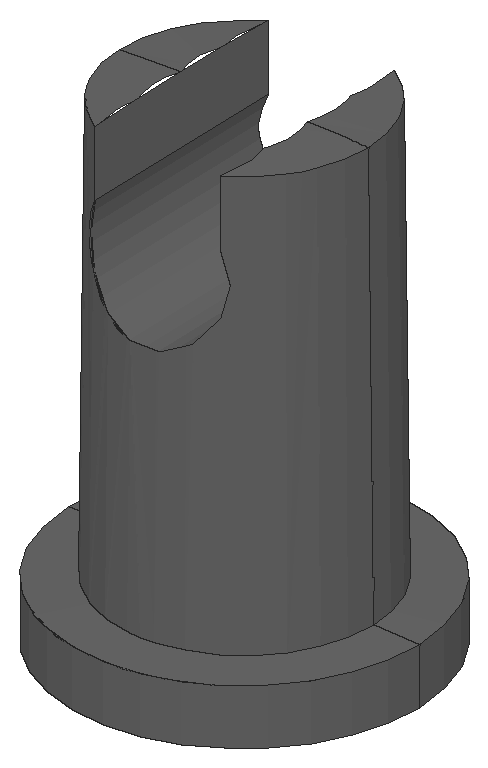
Revit family "Grohe_HandShowerHolder_Rainshower_22117KF0", category Plumbing Fixtures, host Face, Revit 2020
Family settings
  Host = Face
  Round Connector Dimension = Use Diameter
  Part Type = Normal
  OmniClass Number = 23.45.05.00
  OmniClass Title = Sanitary Equipment
  Cut with Voids When Loaded = No
  Shared = No
  Room Calculation Point = No
Parameters (values of type "RAINSHOWER Hand Shower Holder (22117KF0)")
  _ObjectUserGuide = "https://www.bimstore.co/products/grohe-22117KF0/document/object-user-guide"
  _DistributedBy = "https://www.bimstore.co/"
  _CurrentRevision = 1
  _CreatedBy = "https://www.bimstore.co/"
  _BimSpecGuid = 0
  _BSBibleVersion = 17
  _AuthorizedBy = "bimstore"
  _Author = "AM 147"
  Waste Connection = no
  WarrantyStartDate [instance] = "Please Record On Commissioning."
  WarrantyGuarantorParts = "info-uk@grohe.com"
  WarrantyGuarantorLabor = "info-uk@grohe.com"
  WarrantyDurationUnit = "Years"
  WarrantyDurationParts = "0"
  WarrantyDurationLabor = "0"
  WarrantyDescription = "n/a"
  Vent Connection = no
  URL = "https://www.grohe.co.uk/"
  TypeName = "RAINSHOWER Hand Shower Holder"
  Type Comments = "RAINSHOWER Hand Shower Holder"
  TPIDocumentLink = "https://cdn.cloud.grohe.com/tpi/1000/1200/1250/1252/1252092/original/1252092.pdf"
  SustainabilityReport = "green.grohe.com/reporting"
  SustainabilityAward = "green.grohe.com/awards"
  SpareParts = "info-uk@grohe.com"
  Size = "n/a"
  Shape = "n/a"
  SerialNumber [instance] = "Please Record On Commissioning."
  ReplacementCost = "n/a"
  ReferencedStandard = "n/a"
  ProductionYear = "2023"
  ProductType = "Shower Rail and Union"
  ProductShortText = "Rainshower Wall hand Shower holder"
  ProductPageURL = "https://www.grohe.co.uk/en_gb/-22117KF0.html"
  ProductNumber = "22117KF0"
  ProductDescription = "not adjustable\r\n\r\nwith round escutcheon\r\n\r\nGROHE Long-Life Shine finish"
  PrimaryMaterial = Grohe_MattBlack
  PQDiagramLink = "n/a"
  NominalLength = 0.0 mm
  NominalHeight = 0.0 mm
  NominalDepth = 0.0 mm
  NBSReference = "n/a"
  NBSOfficeMasterTag = "n/a"
  NBSObjectName = "Grohe - Shower head holders"
  NBSNote = "n/a"
  NBSDescription = "Shower head holders"
  ModelReference = "RAINSHOWER Hand Shower Holder"
  ModelNumber = "22117KF0"
  Model = "RAINSHOWER Hand Shower Holder"
  Material = "n/a"
  ManufacturerName = "Grohe"
  Manufacturer = "Grohe"
  Keynote = "N13"
  InstallationDate [instance] = "Please Record On Commissioning."
  IfcExportType = "IfcPipeFittingType"
  IfcExportAs = "IfcPipeFitting"
  HW Connection = no
  Grade = "n/a"
  GROHESustainability = "green.grohe.com"
  GROHESocialCommittment = "green.grohe.com/social_engagement"
  FullRecyclabilityOfPlastic = "All plastic components are fully recyclable"
  Finish = "n/a"
  Features = "n/a"
  ExpectedLife = 0
  Ecojoy = no
  EF023686 = "not applicable"
  EF022280 = "TRUE"
  EF006009 = "TRUE"
  EF005643 = "Conical"
  EF002671 = "Other"
  EF002169 = "Plastic"
  EF000996 = "FALSE"
  EF000010 = "Wall mount"
  DurationUnit = "Years"
  DocumentationTechnical = "https://www.bimstore.co/products/grohe-22117KF0/document/technical-data-sheet"
  DocumentationMaintenance = "https://www.bimstore.co/products/grohe-22117KF0/document/maintenance-information"
  DocumentationLiterature = "https://www.bimstore.co/products/grohe-22117KF0/document/product-literature"
  DocumentationInstallationGuide = "https://www.bimstore.co/products/grohe-22117KF0/document/installation-guide"
  DocumentationCertificates = "https://www.bimstore.co/products/grohe-22117KF0/document/product-certificates"
  DimensionsDocumentLink = "https://cdn.cloud.grohe.com/dimdraw/1000/1200/1240/1248/1248208/1280/1248208.jpg"
  Description = "RAINSHOWER Hand Shower Holder"
  Default Elevation = 0.0 mm
  CreatedOn = "2023-03-01T09:00:00"
  CreatedBy = "info-uk@grohe.com"
  CradleToCradleCertification = "n/a"
  Cost = 0
  Constituents = "n/a"
  Color = "Matt Black"
  CodePerformance = "n/a"
  ClassificationValue = "Pr_40_20_87_77"
  ClassificationName = "Uniclass2015"
  CW Connection = no
  CO2NeutralProduction = "GROHE is one of the first leading manufacturer within the sanitary industry having a CO2-neutral production."
  BarCode [instance] = "Please Record On Commissioning."
  BIMObjectName = "Grohe_HandShowerHolder_Rainshower_22117KF0"
  AssetType = "Fixed"
  AssetIdentifier [instance] = "n/a"
  Assembly Code = "D2010"
  AccessibilityPerformance = "n/a"
Reference planes
  plane 1 "Center (Front/Back)": y = 0
  plane 2: z = 0
  plane 3 "Center (Left/Right)": x = 0
Forms (mm)
  Revolve 1, solid, material "Grohe_MattBlack" <- "PrimaryMaterial"
    sketch origin (0, 0, 0) x (1, 0, 0) y (0, 0, 1)
      loop
        line (-25, 0) -> (0, 0) -> (0, 69.298)
        arc (0, 69.298) -> (-8.899, 69.217) -> (-17.796, 68.975) r 489.898
        line (-17.796, 68.975) -> (-18.434, 8.242) -> (-25, 8.014) -> (-25, 0)
      axis (0, 69.298) -> (0, 0)
    angle from 0 to 360
  Extrusion 2, void
    sketch origin (0, 0, 0) x (1, 0, 0) y (0, 0, 1)
      loop
        arc (-9, 59.527) -> (0, 45.049) -> (9, 59.527) r 10.036
        line (9, 59.527) -> (9, 71.791) -> (-9, 71.791) -> (-9, 59.527)
    from -25 to 25
Cuts and joins
  Extrusion 2 cuts Revolve 1
Dimensions and locks
  aligned and locked: plane 2 to host face
  aligned and locked: level to host face
